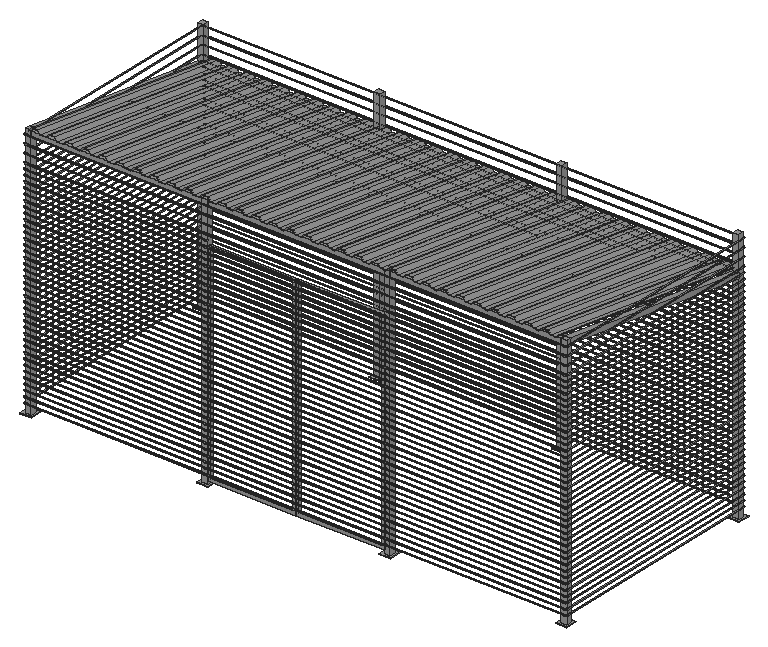
Revit family "31790 Контейнерная площадка для ТБО «Сплит» без хозблока Хоббика", category Антураж, Revit 2018
Family settings
  На основе рабочей плоскости = Нет
  Всегда вертикально = Да
  При загрузке вырезать с полостями = Нет
  Источник визуального образа = Геометрия семейства
  Общий = Нет
  Точка расчета площади = Нет
Parameters (values of type "Версия 4,82 м")
  Ширина = 2000 mm  # constant formula
  Цвет каркаса = Сталь
  Описание = if([Версия 1,72 м], "Контейнерная площадка для ТБО «Сплит» без хозблока. Версия 1,72 м", if([Версия 3,27 м], "Контейнерная площадка для ТБО «Сплит» без хозблока. Версия 3,27 м", if([Версия 4,82 м], "Контейнерная площадка для ТБО «Сплит» без хозблока. Версия 4,82 м", if([Версия 6,37 м], "Контейнерная площадка для ТБО «Сплит» без хозблока. Версия 6,37 м", if([Версия 7,92 м], "Контейнерная площадка для ТБО «Сплит» без хозблока. Версия 7,92 м", "Контейнерная площадка для ТБО «Сплит» без хозблока. Версия 9,47 м")))))  # "Контейнерная площадка для ТБО «Сплит» без хозблока. Версия 4,82 м"
  Материал изделия = "Сталь"  # constant formula
  Изображение типоразмера = Контейнерная площадка для ТБО «Сплит» без хозблока Арт 31790.jpg
  Изготовитель = "ООО «Хоббика»"  # constant formula
  Длина = if([Версия 1,72 м], 1720 mm, if([Версия 3,27 м], 3270 mm, if([Версия 4,82 м], 4820 mm, if([Версия 6,37 м], 6370 mm, if([Версия 7,92 м], 7920 mm, 9470 mm)))))  # 4820 mm
  Группа модели = "Контейнерные площадки для ТБО"  # constant formula
  Высота = 2250 mm  # constant formula
  Версия 9,47 м = no
  Версия 7,92 м = no
  Версия 6,37 м = no
  Версия 4,82 м = yes
  Версия 3,27 м = no
  Версия 1,72 м = no
  Артикул товара = "Арт. 31790"  # constant formula
  URL = "https://hobbyka.ru/product/konteynernaya_ploshchadka_dlya_tbo_promo_bez_khozbloka/"
Reference planes
  plane 1 "По центру (Вперед/Назад)": y = 0
  plane 2: z = 0
  plane 3 "По центру (Влево/Вправо)": x = 0
  plane 4: y = 2000
  plane 5: x = 4820
  plane 6: z = 2250
Dimensions and locks
  "Ширина": plane 4 to plane 1 "По центру (Вперед/Назад)"
  "Длина": plane 3 "По центру (Влево/Вправо)" to plane 5
  "Высота": plane 6 to plane 2
  aligned and locked: level to plane 2
  aligned and locked: plane 1 "По центру (Вперед/Назад)" to nested 1
  aligned and locked: plane 3 "По центру (Влево/Вправо)" to nested 1
  aligned and locked: plane 1 "По центру (Вперед/Назад)" to nested 2
  aligned and locked: plane 3 "По центру (Влево/Вправо)" to nested 2
  aligned and locked: plane 1 "По центру (Вперед/Назад)" to nested 3
  aligned and locked: plane 3 "По центру (Влево/Вправо)" to nested 3
  aligned and locked: plane 1 "По центру (Вперед/Назад)" to nested 4
  aligned and locked: plane 3 "По центру (Влево/Вправо)" to nested 4
  aligned and locked: plane 1 "По центру (Вперед/Назад)" to nested 5
  aligned and locked: plane 3 "По центру (Влево/Вправо)" to nested 5
  aligned and locked: plane 1 "По центру (Вперед/Назад)" to nested 6
  aligned and locked: plane 3 "По центру (Влево/Вправо)" to nested 6
Nested families
  nested 1: "3179 Контейнерная площадка для ТБО «Сплит» без хозблока Хоббика В 1,72 м" at (0, 0, 0), visible <- "Версия 1,72 м", type "3179 Контейнерная площадка для ТБО «Сплит» без хозблока Хоббика В 1,72 м"
  nested 2: "3179 Контейнерная площадка для ТБО «Сплит» без хозблока Хоббика В 3,27 м" at (0, 0, 0), visible <- "Версия 3,27 м", type "3179 Контейнерная площадка для ТБО «Сплит» без хозблока Хоббика В 3,27 м"
  nested 3: "3179 Контейнерная площадка для ТБО «Сплит» без хозблока Хоббика В 4,82 м" at (0, 0, 0), visible <- "Версия 4,82 м", type "3179 Контейнерная площадка для ТБО «Сплит» без хозблока Хоббика В 4,82 м"
  nested 4: "3179 Контейнерная площадка для ТБО «Сплит» без хозблока Хоббика В 6,37 м" at (0, 0, 0), visible <- "Версия 6,37 м", type "3179 Контейнерная площадка для ТБО «Сплит» без хозблока Хоббика В 6,37 м"
  nested 5: "3179 Контейнерная площадка для ТБО «Сплит» без хозблока Хоббика В 7,92 м" at (0, 0, 0), visible <- "Версия 7,92 м", type "3179 Контейнерная площадка для ТБО «Сплит» без хозблока Хоббика В 7,92 м"
  nested 6: "3179 Контейнерная площадка для ТБО «Сплит» без хозблока Хоббика В 9,47 м" at (0, 0, 0), visible <- "Версия 9,47 м", type "3179 Контейнерная площадка для ТБО «Сплит» без хозблока Хоббика В 9,47 м"
Definition of nested family "3179 Контейнерная площадка для ТБО «Сплит» без хозблока Хоббика В 1,72 м"
  Parameters (values of type "3179 Контейнерная площадка для ТБО «Сплит» без хозблока Хоббика В 1,72 м")
    Ширина = 2000 mm
    Цвет каркаса = none
    Длина = 1720 mm
    Height = 2250 mm
  Reference planes
    plane 1 "По центру (Вперед/Назад)": y = 0
    plane 2: z = 0
    plane 3 "По центру (Влево/Вправо)": x = 0
    plane 4: x = 1720
    plane 5: y = 2000
    plane 6: z = 2250
  Forms (mm)
    Extrusion 1, solid, material <- "Цвет каркаса"
      sketch origin (0, 0, 0) x (1, 0, 0) y (0, 1, 0)
        loop
          line (0, 2000) -> (0, 1900) -> (100, 1900) -> (100, 2000) -> (0, 2000)
        loop
          line (1620, 2000) -> (1620, 1900) -> (1720, 1900) -> (1720, 2000) -> (1620, 2000)
        loop
          line (0, 100) -> (0, 0) -> (100, 0) -> (100, 100) -> (0, 100)
        loop
          line (1620, 100) -> (1620, 0) -> (1720, 0) -> (1720, 100) -> (1620, 100)
      from 0 to 5
    Extrusion 2, solid, material <- "Цвет каркаса"
      sketch origin (0, 0, 0) x (1, 0, 0) y (0, 1, 0)
        loop
          line (75, 1925) -> (75, 1975) -> (25, 1975) -> (25, 1925) -> (75, 1925)
        loop
          line (1695, 1925) -> (1695, 1975) -> (1645, 1975) -> (1645, 1925) -> (1695, 1925)
        loop
          line (75, 25) -> (75, 75) -> (25, 75) -> (25, 25) -> (75, 25)
        loop
          line (1695, 25) -> (1695, 75) -> (1645, 75) -> (1645, 25) -> (1695, 25)
      from 0 to 2250
    Extrusion 3, solid, material <- "Цвет каркаса"
      sketch origin (0, 0, 50) x (0, 1, 0) y (0, 0, 1)
        loop
          line (75, 2200) -> (75, 2149.347) -> (1925, 1849.347) -> (1925, 1900) -> (75, 2200)
      from 25 to 75
    Extrusion 4, solid, material <- "Цвет каркаса"
      sketch origin (0, 0, 50) x (0, 1, 0) y (0, 0, 1)
        loop
          line (75, 2200) -> (75, 2149.347) -> (1925, 1849.347) -> (1925, 1900) -> (75, 2200)
      from 1645 to 1695
    Extrusion 5, solid, material <- "Цвет каркаса"
      sketch origin (0, -359.193, 41.018) x (1, 0, 0) y (0, 0.160071, 0.987105)
        loop
          line (100, 2276) -> (75, 2251) -> (75.707, 2250.293) -> (100.414, 2275) -> (149.586, 2275) -> (174.586, 2250) -> (225.414, 2250) -> (250.414, 2275) -> (299.586, 2275) -> (324.586, 2250) -> (375.414, 2250) -> (400.414, 2275) -> (449.586, 2275) -> (474.586, 2250) -> (525.414, 2250) -> (550.414, 2275) -> (599.586, 2275) -> (624.586, 2250) -> (675.414, 2250) -> (700.414, 2275) -> (749.586, 2275) -> (774.586, 2250) -> (825.414, 2250) -> (850.414, 2275) -> (899.586, 2275) -> (924.586, 2250) -> (975.414, 2250) -> (1000.414, 2275) -> (1049.586, 2275) -> (1074.586, 2250) -> (1125.414, 2250) -> (1150.414, 2275) -> (1199.586, 2275) -> (1224.586, 2250) -> (1275.414, 2250) -> (1300.414, 2275) -> (1349.586, 2275) -> (1374.586, 2250) -> (1425.414, 2250) -> (1450.414, 2275) -> (1499.586, 2275) -> (1524.586, 2250) -> (1575.414, 2250) -> (1600.414, 2275) -> (1645, 2275) -> (1645, 2276) -> (1600, 2276) -> (1575, 2251) -> (1525, 2251) -> (1500, 2276) -> (1450, 2276) -> (1425, 2251) -> (1375, 2251) -> (1350, 2276) -> (1300, 2276) -> (1275, 2251) -> (1225, 2251) -> (1200, 2276) -> (1150, 2276) -> (1125, 2251) -> (1075, 2251) -> (1050, 2276) -> (1000, 2276) -> (975, 2251) -> (925, 2251) -> (900, 2276) -> (850, 2276) -> (825, 2251) -> (775, 2251) -> (750, 2276) -> (700, 2276) -> (675, 2251) -> (625, 2251) -> (600, 2276) -> (550, 2276) -> (525, 2251) -> (475, 2251) -> (450, 2276) -> (400, 2276) -> (375, 2251) -> (325, 2251) -> (300, 2276) -> (250, 2276) -> (225, 2251) -> (175, 2251) -> (150, 2276) -> (100, 2276)
      from 0 to -2020.773
    Extrusion 6, solid, material <- "Цвет каркаса"
      sketch origin (0, 0, 0) x (0, 1, 0) y (0, 0, 1)
        loop
          line (1925, 1941.892) -> (1925, 1891.892) -> (1975, 1891.892) -> (1975, 1941.892) -> (1925, 1941.892)
        loop
          line (25, 2250) -> (25, 2200) -> (75, 2200) -> (75, 2250) -> (25, 2250)
      from 75 to 1645
    Extrusion 7, solid, material <- "Цвет каркаса"
      sketch origin (0, 0, 0) x (0, 1, 0) y (0, 0, 1)
        loop
          circle (1980, 80) r 5
        loop
          circle (1980, 130) r 5
        loop
          circle (1980, 180) r 5
        loop
          circle (1980, 230) r 5
        loop
          circle (1980, 280) r 5
        loop
          circle (1980, 330) r 5
        loop
          circle (1980, 380) r 5
        loop
          circle (1980, 430) r 5
        loop
          circle (1980, 480) r 5
        loop
          circle (1980, 530) r 5
        loop
          circle (1980, 580) r 5
        loop
          circle (1980, 630) r 5
        loop
          circle (1980, 680) r 5
        loop
          circle (1980, 730) r 5
        loop
          circle (1980, 780) r 5
        loop
          circle (1980, 830) r 5
        loop
          circle (1980, 880) r 5
        loop
          circle (1980, 930) r 5
        loop
          circle (1980, 980) r 5
        loop
          circle (1980, 1030) r 5
        loop
          circle (1980, 1080) r 5
        loop
          circle (1980, 1130) r 5
        loop
          circle (1980, 1180) r 5
        loop
          circle (1980, 1230) r 5
        loop
          circle (1980, 1280) r 5
        loop
          circle (1980, 1330) r 5
        loop
          circle (1980, 1380) r 5
        loop
          circle (1980, 1430) r 5
        loop
          circle (1980, 1480) r 5
        loop
          circle (1980, 1530) r 5
        loop
          circle (1980, 1580) r 5
        loop
          circle (1980, 1630) r 5
        loop
          circle (1980, 1680) r 5
        loop
          circle (1980, 1730) r 5
        loop
          circle (1980, 1780) r 5
        loop
          circle (1980, 1830) r 5
        loop
          circle (1980, 1880) r 5
        loop
          circle (1980, 1930) r 5
        loop
          circle (1980, 1980) r 5
        loop
          circle (1980, 2055) r 5
        loop
          circle (1980, 2130) r 5
        loop
          circle (1980, 2205) r 5
      from 25 to 1695
    Extrusion 8, solid, material <- "Цвет каркаса"
      sketch origin (-1960, 2000, 0) x (1, 0, 0) y (0, 0, 1)
        loop
          circle (1980, 80) r 5
        loop
          circle (1980, 130) r 5
        loop
          circle (1980, 180) r 5
        loop
          circle (1980, 230) r 5
        loop
          circle (1980, 280) r 5
        loop
          circle (1980, 330) r 5
        loop
          circle (1980, 380) r 5
        loop
          circle (1980, 430) r 5
        loop
          circle (1980, 480) r 5
        loop
          circle (1980, 530) r 5
        loop
          circle (1980, 580) r 5
        loop
          circle (1980, 630) r 5
        loop
          circle (1980, 680) r 5
        loop
          circle (1980, 730) r 5
        loop
          circle (1980, 780) r 5
        loop
          circle (1980, 830) r 5
        loop
          circle (1980, 880) r 5
        loop
          circle (1980, 930) r 5
        loop
          circle (1980, 980) r 5
        loop
          circle (1980, 1030) r 5
        loop
          circle (1980, 1080) r 5
        loop
          circle (1980, 1130) r 5
        loop
          circle (1980, 1180) r 5
        loop
          circle (1980, 1230) r 5
        loop
          circle (1980, 1280) r 5
        loop
          circle (1980, 1330) r 5
        loop
          circle (1980, 1380) r 5
        loop
          circle (1980, 1430) r 5
        loop
          circle (1980, 1480) r 5
        loop
          circle (1980, 1530) r 5
        loop
          circle (1980, 1580) r 5
        loop
          circle (1980, 1630) r 5
        loop
          circle (1980, 1680) r 5
        loop
          circle (1980, 1730) r 5
        loop
          circle (1980, 1780) r 5
        loop
          circle (1980, 1830) r 5
        loop
          circle (1980, 1880) r 5
        loop
          circle (1980, 1930) r 5
        loop
          circle (1980, 1980) r 5
        loop
          circle (1980, 2055) r 5
        loop
          circle (1980, 2130) r 5
        loop
          circle (1980, 2205) r 5
      from 25 to 1975
    Extrusion 9, solid, material <- "Цвет каркаса"
      sketch origin (-280, 2000, 0) x (1, 0, 0) y (0, 0, 1)
        loop
          circle (1980, 1680) r 5
        loop
          circle (1980, 1730) r 5
        loop
          circle (1980, 1780) r 5
        loop
          circle (1980, 1830) r 5
        loop
          circle (1980, 1880) r 5
        loop
          circle (1980, 1930) r 5
        loop
          circle (1980, 1980) r 5
        loop
          circle (1980, 2055) r 5
        loop
          circle (1980, 2130) r 5
        loop
          circle (1980, 2205) r 5
        loop
          circle (1980, 1430) r 5
        loop
          circle (1980, 1480) r 5
        loop
          circle (1980, 1530) r 5
        loop
          circle (1980, 1580) r 5
        loop
          circle (1980, 1630) r 5
        loop
          circle (1980, 1180) r 5
        loop
          circle (1980, 1230) r 5
        loop
          circle (1980, 1280) r 5
        loop
          circle (1980, 1330) r 5
        loop
          circle (1980, 1380) r 5
        loop
          circle (1980, 930) r 5
        loop
          circle (1980, 980) r 5
        loop
          circle (1980, 1030) r 5
        loop
          circle (1980, 1080) r 5
        loop
          circle (1980, 1130) r 5
        loop
          circle (1980, 680) r 5
        loop
          circle (1980, 730) r 5
        loop
          circle (1980, 780) r 5
        loop
          circle (1980, 830) r 5
        loop
          circle (1980, 880) r 5
        loop
          circle (1980, 430) r 5
        loop
          circle (1980, 480) r 5
        loop
          circle (1980, 530) r 5
        loop
          circle (1980, 580) r 5
        loop
          circle (1980, 630) r 5
        loop
          circle (1980, 180) r 5
        loop
          circle (1980, 230) r 5
        loop
          circle (1980, 280) r 5
        loop
          circle (1980, 330) r 5
        loop
          circle (1980, 380) r 5
        loop
          circle (1980, 80) r 5
        loop
          circle (1980, 130) r 5
      from 25 to 1975
    Extrusion 10, solid, material <- "Цвет каркаса"
      sketch origin (0, 0, 0) x (1, 0, 0) y (0, 0, 1)
        loop
          line (75, 30.567) -> (860, 30.567) -> (860, 1891.892) -> (75, 1891.892) -> (75, 30.567)
        loop
          line (835, 1866.892) -> (100, 1866.892) -> (100, 55.567) -> (835, 55.567) -> (835, 1866.892)
      from -25 to -50
    Extrusion 11, solid, material <- "Цвет каркаса"
      sketch origin (0, -1960, 0) x (0, 1, 0) y (0, 0, 1)
        loop
          circle (1980, 1980) r 5
        loop
          circle (1980, 2055) r 5
        loop
          circle (1980, 2130) r 5
        loop
          circle (1980, 2205) r 5
      from 25 to 1695
    Extrusion 12, solid, material <- "Цвет каркаса"
      sketch origin (0, -1960, 0) x (0, 1, 0) y (0, 0, 1)
        loop
          circle (1980, 80) r 5
        loop
          circle (1980, 130) r 5
        loop
          circle (1980, 180) r 5
        loop
          circle (1980, 230) r 5
        loop
          circle (1980, 280) r 5
        loop
          circle (1980, 330) r 5
        loop
          circle (1980, 380) r 5
        loop
          circle (1980, 430) r 5
        loop
          circle (1980, 480) r 5
        loop
          circle (1980, 530) r 5
        loop
          circle (1980, 580) r 5
        loop
          circle (1980, 630) r 5
        loop
          circle (1980, 680) r 5
        loop
          circle (1980, 730) r 5
        loop
          circle (1980, 780) r 5
        loop
          circle (1980, 830) r 5
        loop
          circle (1980, 880) r 5
        loop
          circle (1980, 930) r 5
        loop
          circle (1980, 980) r 5
        loop
          circle (1980, 1030) r 5
        loop
          circle (1980, 1080) r 5
        loop
          circle (1980, 1130) r 5
        loop
          circle (1980, 1180) r 5
        loop
          circle (1980, 1230) r 5
        loop
          circle (1980, 1280) r 5
        loop
          circle (1980, 1330) r 5
        loop
          circle (1980, 1380) r 5
        loop
          circle (1980, 1430) r 5
        loop
          circle (1980, 1480) r 5
        loop
          circle (1980, 1530) r 5
        loop
          circle (1980, 1580) r 5
        loop
          circle (1980, 1630) r 5
        loop
          circle (1980, 1680) r 5
        loop
          circle (1980, 1730) r 5
        loop
          circle (1980, 1780) r 5
        loop
          circle (1980, 1830) r 5
        loop
          circle (1980, 1880) r 5
      from 75 to 860
    Extrusion 13, solid, material <- "Цвет каркаса"
      sketch origin (0, -1960, 0) x (0, 1, 0) y (0, 0, 1)
        loop
          circle (1980, 80) r 5
        loop
          circle (1980, 130) r 5
        loop
          circle (1980, 180) r 5
        loop
          circle (1980, 230) r 5
        loop
          circle (1980, 280) r 5
        loop
          circle (1980, 330) r 5
        loop
          circle (1980, 380) r 5
        loop
          circle (1980, 430) r 5
        loop
          circle (1980, 480) r 5
        loop
          circle (1980, 530) r 5
        loop
          circle (1980, 580) r 5
        loop
          circle (1980, 630) r 5
        loop
          circle (1980, 680) r 5
        loop
          circle (1980, 730) r 5
        loop
          circle (1980, 780) r 5
        loop
          circle (1980, 830) r 5
        loop
          circle (1980, 880) r 5
        loop
          circle (1980, 930) r 5
        loop
          circle (1980, 980) r 5
        loop
          circle (1980, 1030) r 5
        loop
          circle (1980, 1080) r 5
        loop
          circle (1980, 1130) r 5
        loop
          circle (1980, 1180) r 5
        loop
          circle (1980, 1230) r 5
        loop
          circle (1980, 1280) r 5
        loop
          circle (1980, 1330) r 5
        loop
          circle (1980, 1380) r 5
        loop
          circle (1980, 1430) r 5
        loop
          circle (1980, 1480) r 5
        loop
          circle (1980, 1530) r 5
        loop
          circle (1980, 1580) r 5
        loop
          circle (1980, 1630) r 5
        loop
          circle (1980, 1680) r 5
        loop
          circle (1980, 1730) r 5
        loop
          circle (1980, 1780) r 5
        loop
          circle (1980, 1830) r 5
      from 860 to 1645
    Extrusion 14, solid, material <- "Цвет каркаса"
      sketch origin (785, 0, 0) x (1, 0, 0) y (0, 0, 1)
        loop
          line (75, 30.567) -> (860, 30.567) -> (860, 1891.892) -> (75, 1891.892) -> (75, 30.567)
        loop
          line (835, 1866.892) -> (100, 1866.892) -> (100, 55.567) -> (835, 55.567) -> (835, 1866.892)
      from -25 to -50
    Extrusion 15, solid, material <- "Цвет каркаса"
      sketch origin (0, 0, 0) x (0, 1, 0) y (0, 0, 1)
        loop
          line (975, 2053.401) -> (1025, 2045.293) -> (1025, 2095.946) -> (975, 2104.054) -> (975, 2053.401)
      from 75 to 1645
  Dimensions and locks
    "Длина": plane 3 "По центру (Влево/Вправо)" to plane 4
    "Ширина": plane 5 to plane 1 "По центру (Вперед/Назад)"
    "Height": plane 6 to plane 2
    aligned and locked: level to plane 2
  Automatic sketch dimensions
    Extrusion 1 sketch curve to plane 3 "По центру (Влево/Вправо)" = 0 mm  (x2)
    plane 1 "По центру (Вперед/Назад)" to Extrusion 1 sketch curve = 0 mm  (x2)
    Extrusion 1 sketch curve to plane 5 = 0 mm  (x2)
    Extrusion 1 sketch curve to plane 4 = 0 mm  (x2)
    plane 3 "По центру (Влево/Вправо)" to Extrusion 1 sketch curve = 100 mm  (x2)
    Extrusion 1 sketch curve to plane 4 = 100 mm
    Extrusion 1 sketch curve to Extrusion 1 sketch curve = 100 mm  (x2)
    Extrusion 1 sketch curve to plane 1 "По центру (Вперед/Назад)" = 100 mm
    Extrusion 1 sketch curve to plane 5 = 100 mm  (x2)
    plane 3 "По центру (Влево/Вправо)" to Extrusion 2 sketch curve = 25 mm  (x2)
    Extrusion 2 sketch curve to Extrusion 2 sketch curve = 50 mm  (x4)
    Extrusion 2 sketch curve to plane 1 "По центру (Вперед/Назад)" = 25 mm  (x2)
    Extrusion 2 sketch curve to plane 4 = 75 mm  (x2)
    Extrusion 2 sketch curve to plane 4 = 25 mm  (x2)
    Extrusion 2 sketch curve to plane 5 = 75 mm  (x2)
    Extrusion 2 sketch curve to plane 5 = 25 mm  (x2)
    Extrusion 3 sketch curve to plane 6 = 0 mm
    Extrusion 3 sketch curve to plane 1 "По центру (Вперед/Назад)" = 75 mm
    Extrusion 3 sketch curve to plane 5 = 75 mm
    Extrusion 3 sketch curve to Extrusion 3 sketch curve = 50.653 mm  (x2)
    Extrusion 3 sketch curve to plane 6 = 300 mm
    Extrusion 4 sketch curve to plane 6 = 0 mm
    Extrusion 4 sketch curve to plane 1 "По центру (Вперед/Назад)" = 75 mm
    Extrusion 4 sketch curve to plane 5 = 75 mm
    Extrusion 4 sketch curve to Extrusion 4 sketch curve = 50.653 mm  (x2)
    Extrusion 4 sketch curve to plane 6 = 300 mm
    plane 3 "По центру (Влево/Вправо)" to Extrusion 5 sketch curve = 75 mm
    Extrusion 5 sketch curve to Extrusion 5 sketch curve = 0.707 mm  (x2)
    Extrusion 5 sketch curve to Extrusion 5 sketch curve = 25 mm  (x21)
    Extrusion 5 sketch curve to Extrusion 5 sketch curve = 0.414 mm  (x41)
    Extrusion 5 sketch curve to Extrusion 5 sketch curve = 49.172 mm  (x10)
    Extrusion 5 sketch curve to Extrusion 5 sketch curve = 50 mm  (x10)
    Extrusion 5 sketch curve to Extrusion 5 sketch curve = 44.586 mm
    Extrusion 5 sketch curve to Extrusion 5 sketch curve = 0 mm  (x9)
    Extrusion 5 sketch curve to Extrusion 5 sketch curve = 0.293 mm
    Extrusion 5 sketch curve to Extrusion 5 sketch curve = 1 mm  (x20)
    Extrusion 5 sketch curve to Extrusion 5 sketch curve = 24 mm  (x10)
    Extrusion 6 sketch curve to plane 6 = 0 mm
    Extrusion 6 sketch curve to plane 1 "По центру (Вперед/Назад)" = 25 mm
    Extrusion 6 sketch curve to Extrusion 6 sketch curve = 50 mm  (x3)
    Extrusion 6 sketch curve to plane 5 = 75 mm
    Extrusion 6 sketch curve to plane 5 = 25 mm
    Extrusion 6 sketch curve to plane 6 = 308.108 mm
    Extrusion 7 sketch curve to plane 5 = 20 mm  (x42)
    level to Extrusion 7 sketch curve = 80 mm
    Extrusion 7 sketch curve to Extrusion 7 sketch curve = 50 mm  (x38)
    Extrusion 7 sketch curve to Extrusion 7 sketch curve = 75 mm  (x2)
    Extrusion 7 sketch curve to plane 6 = 45 mm
    plane 3 "По центру (Влево/Вправо)" to Extrusion 8 sketch curve = 20 mm  (x42)
    level to Extrusion 8 sketch curve = 80 mm
    Extrusion 8 sketch curve to Extrusion 8 sketch curve = 50 mm  (x38)
    Extrusion 8 sketch curve to Extrusion 8 sketch curve = 75 mm  (x2)
    Extrusion 8 sketch curve to plane 6 = 45 mm
    Extrusion 9 sketch curve to plane 4 = 20 mm  (x42)
    level to Extrusion 9 sketch curve = 80 mm
    Extrusion 9 sketch curve to Extrusion 9 sketch curve = 50 mm  (x38)
    Extrusion 9 sketch curve to Extrusion 9 sketch curve = 75 mm  (x2)
    Extrusion 9 sketch curve to plane 6 = 45 mm
    level to Extrusion 10 sketch curve = 30.567 mm
    plane 3 "По центру (Влево/Вправо)" to Extrusion 10 sketch curve = 75 mm
    Extrusion 10 sketch curve to Extrusion 10 sketch curve = 25 mm  (x4)
    Extrusion 10 sketch curve to Extrusion 10 sketch curve = 735 mm
    Extrusion 10 sketch curve to plane 6 = 383.108 mm
    Extrusion 11 sketch curve to plane 1 "По центру (Вперед/Назад)" = 20 mm  (x4)
    Extrusion 11 sketch curve to plane 6 = 270 mm
    Extrusion 11 sketch curve to Extrusion 11 sketch curve = 75 mm  (x2)
    Extrusion 11 sketch curve to plane 6 = 45 mm
    Extrusion 12 sketch curve to plane 1 "По центру (Вперед/Назад)" = 20 mm  (x37)
    level to Extrusion 12 sketch curve = 80 mm
    Extrusion 12 sketch curve to Extrusion 12 sketch curve = 50 mm  (x36)
    Extrusion 13 sketch curve to plane 1 "По центру (Вперед/Назад)" = 20 mm  (x36)
    level to Extrusion 13 sketch curve = 80 mm
    Extrusion 13 sketch curve to Extrusion 13 sketch curve = 50 mm  (x35)
    level to Extrusion 14 sketch curve = 30.567 mm
    plane 3 "По центру (Влево/Вправо)" to Extrusion 14 sketch curve = 860 mm
    Extrusion 14 sketch curve to Extrusion 14 sketch curve = 25 mm  (x4)
    Extrusion 14 sketch curve to plane 4 = 100 mm
    Extrusion 14 sketch curve to plane 6 = 383.108 mm
    Extrusion 15 sketch curve to plane 6 = 145.946 mm
    Extrusion 15 sketch curve to plane 1 "По центру (Вперед/Назад)" = 975 mm
    Extrusion 15 sketch curve to Extrusion 15 sketch curve = 50.653 mm  (x2)
    Extrusion 15 sketch curve to plane 6 = 154.054 mm
    Extrusion 15 sketch curve to Extrusion 15 sketch curve = 50 mm
    radius of Extrusion 7 sketch curve = 5 mm  (x42)
    radius of Extrusion 8 sketch curve = 5 mm  (x42)
    radius of Extrusion 9 sketch curve = 5 mm  (x42)
    radius of Extrusion 11 sketch curve = 5 mm  (x4)
    radius of Extrusion 12 sketch curve = 5 mm  (x37)
    radius of Extrusion 13 sketch curve = 5 mm  (x36)
Definition of nested family "3179 Контейнерная площадка для ТБО «Сплит» без хозблока Хоббика В 3,27 м"
  Parameters (values of type "3179 Контейнерная площадка для ТБО «Сплит» без хозблока Хоббика В 3,27 м")
    Ширина = 2000 mm
    Цвет каркаса = none
    Длина = 3270 mm
    Height = 2250 mm
  Reference planes
    plane 1 "По центру (Вперед/Назад)": y = 0
    plane 2: z = 0
    plane 3 "По центру (Влево/Вправо)": x = 0
    plane 4: x = 3270
    plane 5: y = 2000
    plane 6: z = 2250
  Forms (mm)
    Extrusion 1, solid, material <- "Цвет каркаса"
      sketch origin (0, 0, 0) x (1, 0, 0) y (0, 1, 0)
        loop
          line (0, 2000) -> (0, 1900) -> (100, 1900) -> (100, 2000) -> (0, 2000)
        loop
          line (3170, 2000) -> (3170, 1900) -> (3270, 1900) -> (3270, 2000) -> (3170, 2000)
        loop
          line (0, 100) -> (0, 0) -> (100, 0) -> (100, 100) -> (0, 100)
        loop
          line (3170, 100) -> (3170, 0) -> (3270, 0) -> (3270, 100) -> (3170, 100)
        loop
          line (2130, 2000) -> (2130, 1900) -> (2230, 1900) -> (2230, 2000) -> (2130, 2000)
        loop
          line (2130, 100) -> (2130, 0) -> (2230, 0) -> (2230, 100) -> (2130, 100)
        loop
          line (1040, 2000) -> (1040, 1900) -> (1140, 1900) -> (1140, 2000) -> (1040, 2000)
        loop
          line (1040, 100) -> (1040, 0) -> (1140, 0) -> (1140, 100) -> (1040, 100)
      from 0 to 5
    Extrusion 2, solid, material <- "Цвет каркаса"
      sketch origin (0, 0, 0) x (1, 0, 0) y (0, 1, 0)
        loop
          line (75, 1925) -> (75, 1975) -> (25, 1975) -> (25, 1925) -> (75, 1925)
        loop
          line (3245, 1925) -> (3245, 1975) -> (3195, 1975) -> (3195, 1925) -> (3245, 1925)
        loop
          line (75, 25) -> (75, 75) -> (25, 75) -> (25, 25) -> (75, 25)
        loop
          line (3245, 25) -> (3245, 75) -> (3195, 75) -> (3195, 25) -> (3245, 25)
        loop
          line (2205, 1925) -> (2205, 1975) -> (2155, 1975) -> (2155, 1925) -> (2205, 1925)
        loop
          line (2205, 25) -> (2205, 75) -> (2155, 75) -> (2155, 25) -> (2205, 25)
        loop
          line (1115, 1925) -> (1115, 1975) -> (1065, 1975) -> (1065, 1925) -> (1115, 1925)
        loop
          line (1115, 25) -> (1115, 75) -> (1065, 75) -> (1065, 25) -> (1115, 25)
      from 0 to 2250
    Extrusion 3, solid, material <- "Цвет каркаса"
      sketch origin (0, 0, 50) x (0, 1, 0) y (0, 0, 1)
        loop
          line (75, 2200) -> (75, 2149.347) -> (1925, 1849.347) -> (1925, 1900) -> (75, 2200)
      from 25 to 75
    Extrusion 4, solid, material <- "Цвет каркаса"
      sketch origin (0, 0, 50) x (0, 1, 0) y (0, 0, 1)
        loop
          line (75, 2200) -> (75, 2149.347) -> (1925, 1849.347) -> (1925, 1900) -> (75, 2200)
      from 3195 to 3245
    Extrusion 5, solid, material <- "Цвет каркаса"
      sketch origin (0, -359.193, 41.018) x (1, 0, 0) y (0, 0.160071, 0.987105)
        loop
          line (100, 2276) -> (75, 2251) -> (75.707, 2250.293) -> (100.414, 2275) -> (149.586, 2275) -> (174.586, 2250) -> (225.414, 2250) -> (250.414, 2275) -> (299.586, 2275) -> (324.586, 2250) -> (375.414, 2250) -> (400.414, 2275) -> (449.586, 2275) -> (474.586, 2250) -> (525.414, 2250) -> (550.414, 2275) -> (599.586, 2275) -> (624.586, 2250) -> (675.414, 2250) -> (700.414, 2275) -> (749.586, 2275) -> (774.586, 2250) -> (825.414, 2250) -> (850.414, 2275) -> (899.586, 2275) -> (924.586, 2250) -> (975.414, 2250) -> (1000.414, 2275) -> (1049.586, 2275) -> (1074.586, 2250) -> (1125.414, 2250) -> (1150.414, 2275) -> (1199.586, 2275) -> (1224.586, 2250) -> (1275.414, 2250) -> (1300.414, 2275) -> (1349.586, 2275) -> (1374.586, 2250) -> (1425.414, 2250) -> (1450.414, 2275) -> (1499.586, 2275) -> (1524.586, 2250) -> (1575.414, 2250) -> (1600.414, 2275) -> (1649.586, 2275) -> (1674.586, 2250) -> (1725.414, 2250) -> (1750.414, 2275) -> (1799.586, 2275) -> (1824.586, 2250) -> (1875.414, 2250) -> (1900.414, 2275) -> (1949.586, 2275) -> (1974.586, 2250) -> (2025.414, 2250) -> (2050.414, 2275) -> (2099.586, 2275) -> (2124.586, 2250) -> (2175.414, 2250) -> (2200.414, 2275) -> (2249.586, 2275) -> (2274.586, 2250) -> (2325.414, 2250) -> (2350.414, 2275) -> (2399.586, 2275) -> (2424.586, 2250) -> (2475.414, 2250) -> (2500.414, 2275) -> (2549.586, 2275) -> (2574.586, 2250) -> (2625.414, 2250) -> (2650.414, 2275) -> (2699.586, 2275) -> (2724.586, 2250) -> (2775.414, 2250) -> (2800.414, 2275) -> (2849.586, 2275) -> (2874.586, 2250) -> (2925.414, 2250) -> (2950.414, 2275) -> (2999.586, 2275) -> (3024.586, 2250) -> (3075.414, 2250) -> (3100.414, 2275) -> (3149.586, 2275) -> (3174.586, 2250) -> (3195, 2250) -> (3195, 2251) -> (3175, 2251) -> (3150, 2276) -> (3100, 2276) -> (3075, 2251) -> (3025, 2251) -> (3000, 2276) -> (2950, 2276) -> (2925, 2251) -> (2875, 2251) -> (2850, 2276) -> (2800, 2276) -> (2775, 2251) -> (2725, 2251) -> (2700, 2276) -> (2650, 2276) -> (2625, 2251) -> (2575, 2251) -> (2550, 2276) -> (2500, 2276) -> (2475, 2251) -> (2425, 2251) -> (2400, 2276) -> (2350, 2276) -> (2325, 2251) -> (2275, 2251) -> (2250, 2276) -> (2200, 2276) -> (2175, 2251) -> (2125, 2251) -> (2100, 2276) -> (2050, 2276) -> (2025, 2251) -> (1975, 2251) -> (1950, 2276) -> (1900, 2276) -> (1875, 2251) -> (1825, 2251) -> (1800, 2276) -> (1750, 2276) -> (1725, 2251) -> (1675, 2251) -> (1650, 2276) -> (1600, 2276) -> (1575, 2251) -> (1525, 2251) -> (1500, 2276) -> (1450, 2276) -> (1425, 2251) -> (1375, 2251) -> (1350, 2276) -> (1300, 2276) -> (1275, 2251) -> (1225, 2251) -> (1200, 2276) -> (1150, 2276) -> (1125, 2251) -> (1075, 2251) -> (1050, 2276) -> (1000, 2276) -> (975, 2251) -> (925, 2251) -> (900, 2276) -> (850, 2276) -> (825, 2251) -> (775, 2251) -> (750, 2276) -> (700, 2276) -> (675, 2251) -> (625, 2251) -> (600, 2276) -> (550, 2276) -> (525, 2251) -> (475, 2251) -> (450, 2276) -> (400, 2276) -> (375, 2251) -> (325, 2251) -> (300, 2276) -> (250, 2276) -> (225, 2251) -> (175, 2251) -> (150, 2276) -> (100, 2276)
      from 0 to -2020.773
    Extrusion 6, solid, material <- "Цвет каркаса"
      sketch origin (0, 0, 0) x (0, 1, 0) y (0, 0, 1)
        loop
          line (1925, 1941.892) -> (1925, 1891.892) -> (1975, 1891.892) -> (1975, 1941.892) -> (1925, 1941.892)
        loop
          line (25, 2250) -> (25, 2200) -> (75, 2200) -> (75, 2250) -> (25, 2250)
        loop
          line (975, 2104.054) -> (975, 2053.401) -> (1025, 2045.293) -> (1025, 2095.946) -> (975, 2104.054)
      from 75 to 3195
    Extrusion 7, solid, material <- "Цвет каркаса"
      sketch origin (0, 0, 0) x (0, 1, 0) y (0, 0, 1)
        loop
          circle (1980, 80) r 5
        loop
          circle (1980, 130) r 5
        loop
          circle (1980, 180) r 5
        loop
          circle (1980, 230) r 5
        loop
          circle (1980, 280) r 5
        loop
          circle (1980, 330) r 5
        loop
          circle (1980, 380) r 5
        loop
          circle (1980, 430) r 5
        loop
          circle (1980, 480) r 5
        loop
          circle (1980, 530) r 5
        loop
          circle (1980, 580) r 5
        loop
          circle (1980, 630) r 5
        loop
          circle (1980, 680) r 5
        loop
          circle (1980, 730) r 5
        loop
          circle (1980, 780) r 5
        loop
          circle (1980, 830) r 5
        loop
          circle (1980, 880) r 5
        loop
          circle (1980, 930) r 5
        loop
          circle (1980, 980) r 5
        loop
          circle (1980, 1030) r 5
        loop
          circle (1980, 1080) r 5
        loop
          circle (1980, 1130) r 5
        loop
          circle (1980, 1180) r 5
        loop
          circle (1980, 1230) r 5
        loop
          circle (1980, 1280) r 5
        loop
          circle (1980, 1330) r 5
        loop
          circle (1980, 1380) r 5
        loop
          circle (1980, 1430) r 5
        loop
          circle (1980, 1480) r 5
        loop
          circle (1980, 1530) r 5
        loop
          circle (1980, 1580) r 5
        loop
          circle (1980, 1630) r 5
        loop
          circle (1980, 1680) r 5
        loop
          circle (1980, 1730) r 5
        loop
          circle (1980, 1780) r 5
        loop
          circle (1980, 1830) r 5
        loop
          circle (1980, 1880) r 5
        loop
          circle (1980, 1930) r 5
        loop
          circle (1980, 1980) r 5
        loop
          circle (1980, 2055) r 5
        loop
          circle (1980, 2130) r 5
        loop
          circle (1980, 2205) r 5
      from 25 to 3245
    Extrusion 8, solid, material <- "Цвет каркаса"
      sketch origin (-1960, 2000, 0) x (1, 0, 0) y (0, 0, 1)
        loop
          circle (1980, 80) r 5
        loop
          circle (1980, 130) r 5
        loop
          circle (1980, 180) r 5
        loop
          circle (1980, 230) r 5
        loop
          circle (1980, 280) r 5
        loop
          circle (1980, 330) r 5
        loop
          circle (1980, 380) r 5
        loop
          circle (1980, 430) r 5
        loop
          circle (1980, 480) r 5
        loop
          circle (1980, 530) r 5
        loop
          circle (1980, 580) r 5
        loop
          circle (1980, 630) r 5
        loop
          circle (1980, 680) r 5
        loop
          circle (1980, 730) r 5
        loop
          circle (1980, 780) r 5
        loop
          circle (1980, 830) r 5
        loop
          circle (1980, 880) r 5
        loop
          circle (1980, 930) r 5
        loop
          circle (1980, 980) r 5
        loop
          circle (1980, 1030) r 5
        loop
          circle (1980, 1080) r 5
        loop
          circle (1980, 1130) r 5
        loop
          circle (1980, 1180) r 5
        loop
          circle (1980, 1230) r 5
        loop
          circle (1980, 1280) r 5
        loop
          circle (1980, 1330) r 5
        loop
          circle (1980, 1380) r 5
        loop
          circle (1980, 1430) r 5
        loop
          circle (1980, 1480) r 5
        loop
          circle (1980, 1530) r 5
        loop
          circle (1980, 1580) r 5
        loop
          circle (1980, 1630) r 5
        loop
          circle (1980, 1680) r 5
        loop
          circle (1980, 1730) r 5
        loop
          circle (1980, 1780) r 5
        loop
          circle (1980, 1830) r 5
        loop
          circle (1980, 1880) r 5
        loop
          circle (1980, 1930) r 5
        loop
          circle (1980, 1980) r 5
        loop
          circle (1980, 2055) r 5
        loop
          circle (1980, 2130) r 5
        loop
          circle (1980, 2205) r 5
      from 25 to 1975
    Extrusion 9, solid, material <- "Цвет каркаса"
      sketch origin (-280, 2000, 0) x (1, 0, 0) y (0, 0, 1)
        loop
          circle (3530, 1680) r 5
        loop
          circle (3530, 1730) r 5
        loop
          circle (3530, 1780) r 5
        loop
          circle (3530, 1830) r 5
        loop
          circle (3530, 1880) r 5
        loop
          circle (3530, 1930) r 5
        loop
          circle (3530, 1980) r 5
        loop
          circle (3530, 2055) r 5
        loop
          circle (3530, 2130) r 5
        loop
          circle (3530, 2205) r 5
        loop
          circle (3530, 1430) r 5
        loop
          circle (3530, 1480) r 5
        loop
          circle (3530, 1530) r 5
        loop
          circle (3530, 1580) r 5
        loop
          circle (3530, 1630) r 5
        loop
          circle (3530, 1180) r 5
        loop
          circle (3530, 1230) r 5
        loop
          circle (3530, 1280) r 5
        loop
          circle (3530, 1330) r 5
        loop
          circle (3530, 1380) r 5
        loop
          circle (3530, 930) r 5
        loop
          circle (3530, 980) r 5
        loop
          circle (3530, 1030) r 5
        loop
          circle (3530, 1080) r 5
        loop
          circle (3530, 1130) r 5
        loop
          circle (3530, 680) r 5
        loop
          circle (3530, 730) r 5
        loop
          circle (3530, 780) r 5
        loop
          circle (3530, 830) r 5
        loop
          circle (3530, 880) r 5
        loop
          circle (3530, 430) r 5
        loop
          circle (3530, 480) r 5
        loop
          circle (3530, 530) r 5
        loop
          circle (3530, 580) r 5
        loop
          circle (3530, 630) r 5
        loop
          circle (3530, 180) r 5
        loop
          circle (3530, 230) r 5
        loop
          circle (3530, 280) r 5
        loop
          circle (3530, 330) r 5
        loop
          circle (3530, 380) r 5
        loop
          circle (3530, 80) r 5
        loop
          circle (3530, 130) r 5
      from 25 to 1975
    Extrusion 10, solid, material <- "Цвет каркаса"
      sketch origin (0, 0, 0) x (1, 0, 0) y (0, 0, 1)
        loop
          line (1115, 30.567) -> (2155, 30.567) -> (2155, 1891.892) -> (1115, 1891.892) -> (1115, 30.567)
        loop
          line (2130, 1866.892) -> (1140, 1866.892) -> (1140, 55.567) -> (2130, 55.567) -> (2130, 1866.892)
      from -25 to -50
    Extrusion 11, solid, material <- "Цвет каркаса"
      sketch origin (0, -1960, 0) x (0, 1, 0) y (0, 0, 1)
        loop
          circle (1980, 1980) r 5
        loop
          circle (1980, 2055) r 5
        loop
          circle (1980, 2130) r 5
        loop
          circle (1980, 2205) r 5
      from 25 to 3245
    Extrusion 12, solid, material <- "Цвет каркаса"
      sketch origin (0, -1960, 0) x (0, 1, 0) y (0, 0, 1)
        loop
          circle (1980, 80) r 5
        loop
          circle (1980, 130) r 5
        loop
          circle (1980, 180) r 5
        loop
          circle (1980, 230) r 5
        loop
          circle (1980, 280) r 5
        loop
          circle (1980, 330) r 5
        loop
          circle (1980, 380) r 5
        loop
          circle (1980, 430) r 5
        loop
          circle (1980, 480) r 5
        loop
          circle (1980, 530) r 5
        loop
          circle (1980, 580) r 5
        loop
          circle (1980, 630) r 5
        loop
          circle (1980, 680) r 5
        loop
          circle (1980, 730) r 5
        loop
          circle (1980, 780) r 5
        loop
          circle (1980, 830) r 5
        loop
          circle (1980, 880) r 5
        loop
          circle (1980, 930) r 5
        loop
          circle (1980, 980) r 5
        loop
          circle (1980, 1030) r 5
        loop
          circle (1980, 1080) r 5
        loop
          circle (1980, 1130) r 5
        loop
          circle (1980, 1180) r 5
        loop
          circle (1980, 1230) r 5
        loop
          circle (1980, 1280) r 5
        loop
          circle (1980, 1330) r 5
        loop
          circle (1980, 1380) r 5
        loop
          circle (1980, 1430) r 5
        loop
          circle (1980, 1480) r 5
        loop
          circle (1980, 1530) r 5
        loop
          circle (1980, 1580) r 5
        loop
          circle (1980, 1630) r 5
        loop
          circle (1980, 1680) r 5
        loop
          circle (1980, 1730) r 5
        loop
          circle (1980, 1780) r 5
        loop
          circle (1980, 1830) r 5
        loop
          circle (1980, 1880) r 5
      from 1115 to 2155
    Extrusion 13, solid, material <- "Цвет каркаса"
      sketch origin (0, -1960, 0) x (0, 1, 0) y (0, 0, 1)
        loop
          circle (1980, 80) r 5
        loop
          circle (1980, 130) r 5
        loop
          circle (1980, 180) r 5
        loop
          circle (1980, 230) r 5
        loop
          circle (1980, 280) r 5
        loop
          circle (1980, 330) r 5
        loop
          circle (1980, 380) r 5
        loop
          circle (1980, 430) r 5
        loop
          circle (1980, 480) r 5
        loop
          circle (1980, 530) r 5
        loop
          circle (1980, 580) r 5
        loop
          circle (1980, 630) r 5
        loop
          circle (1980, 680) r 5
        loop
          circle (1980, 730) r 5
        loop
          circle (1980, 780) r 5
        loop
          circle (1980, 830) r 5
        loop
          circle (1980, 880) r 5
        loop
          circle (1980, 930) r 5
        loop
          circle (1980, 980) r 5
        loop
          circle (1980, 1030) r 5
        loop
          circle (1980, 1080) r 5
        loop
          circle (1980, 1130) r 5
        loop
          circle (1980, 1180) r 5
        loop
          circle (1980, 1230) r 5
        loop
          circle (1980, 1280) r 5
        loop
          circle (1980, 1330) r 5
        loop
          circle (1980, 1380) r 5
        loop
          circle (1980, 1430) r 5
        loop
          circle (1980, 1480) r 5
        loop
          circle (1980, 1530) r 5
        loop
          circle (1980, 1580) r 5
        loop
          circle (1980, 1630) r 5
        loop
          circle (1980, 1680) r 5
        loop
          circle (1980, 1730) r 5
        loop
          circle (1980, 1780) r 5
        loop
          circle (1980, 1830) r 5
        loop
          circle (1980, 1880) r 5
        loop
          circle (1980, 1930) r 5
      from 25 to 1115
    Extrusion 14, solid, material <- "Цвет каркаса"
      sketch origin (0, -1960, 0) x (0, 1, 0) y (0, 0, 1)
        loop
          circle (1980, 80) r 5
        loop
          circle (1980, 130) r 5
        loop
          circle (1980, 180) r 5
        loop
          circle (1980, 230) r 5
        loop
          circle (1980, 280) r 5
        loop
          circle (1980, 330) r 5
        loop
          circle (1980, 380) r 5
        loop
          circle (1980, 430) r 5
        loop
          circle (1980, 480) r 5
        loop
          circle (1980, 530) r 5
        loop
          circle (1980, 580) r 5
        loop
          circle (1980, 630) r 5
        loop
          circle (1980, 680) r 5
        loop
          circle (1980, 730) r 5
        loop
          circle (1980, 780) r 5
        loop
          circle (1980, 830) r 5
        loop
          circle (1980, 880) r 5
        loop
          circle (1980, 930) r 5
        loop
          circle (1980, 980) r 5
        loop
          circle (1980, 1030) r 5
        loop
          circle (1980, 1080) r 5
        loop
          circle (1980, 1130) r 5
        loop
          circle (1980, 1180) r 5
        loop
          circle (1980, 1230) r 5
        loop
          circle (1980, 1280) r 5
        loop
          circle (1980, 1330) r 5
        loop
          circle (1980, 1380) r 5
        loop
          circle (1980, 1430) r 5
        loop
          circle (1980, 1480) r 5
        loop
          circle (1980, 1530) r 5
        loop
          circle (1980, 1580) r 5
        loop
          circle (1980, 1630) r 5
        loop
          circle (1980, 1680) r 5
        loop
          circle (1980, 1730) r 5
        loop
          circle (1980, 1780) r 5
        loop
          circle (1980, 1830) r 5
        loop
          circle (1980, 1880) r 5
        loop
          circle (1980, 1930) r 5
      from 2155 to 3245
    Extrusion 15, solid, material <- "Цвет каркаса"
      sketch origin (0, 0, 50) x (0, 1, 0) y (0, 0, 1)
        loop
          line (75, 2200) -> (75, 2149.347) -> (1925, 1849.347) -> (1925, 1900) -> (75, 2200)
      from 2155 to 2205
    Extrusion 16, solid, material <- "Цвет каркаса"
      sketch origin (0, 0, 50) x (0, 1, 0) y (0, 0, 1)
        loop
          line (75, 2200) -> (75, 2149.347) -> (1925, 1849.347) -> (1925, 1900) -> (75, 2200)
      from 1065 to 1115
  Dimensions and locks
    "Длина": plane 3 "По центру (Влево/Вправо)" to plane 4
    "Ширина": plane 5 to plane 1 "По центру (Вперед/Назад)"
    "Height": plane 6 to plane 2
    plane 3 "По центру (Влево/Вправо)" to plane 4 = 3270 mm
    aligned and locked: level to plane 2
  Automatic sketch dimensions
    Extrusion 1 sketch curve to plane 3 "По центру (Влево/Вправо)" = 0 mm  (x2)
    plane 1 "По центру (Вперед/Назад)" to Extrusion 1 sketch curve = 0 mm  (x4)
    Extrusion 1 sketch curve to plane 5 = 0 mm  (x4)
    Extrusion 1 sketch curve to plane 4 = 0 mm  (x2)
    plane 3 "По центру (Влево/Вправо)" to Extrusion 1 sketch curve = 100 mm  (x2)
    Extrusion 1 sketch curve to plane 1 "По центру (Вперед/Назад)" = 100 mm  (x4)
    Extrusion 1 sketch curve to Extrusion 1 sketch curve = 940 mm  (x2)
    Extrusion 1 sketch curve to plane 5 = 100 mm  (x4)
    Extrusion 1 sketch curve to Extrusion 1 sketch curve = 100 mm  (x5)
    Extrusion 1 sketch curve to Extrusion 1 sketch curve = 990 mm  (x2)
    Extrusion 1 sketch curve to plane 4 = 100 mm
    plane 3 "По центру (Влево/Вправо)" to Extrusion 2 sketch curve = 25 mm  (x2)
    Extrusion 2 sketch curve to plane 5 = 25 mm  (x4)
    Extrusion 2 sketch curve to Extrusion 2 sketch curve = 50 mm  (x13)
    Extrusion 2 sketch curve to Extrusion 2 sketch curve = 990 mm  (x2)
    Extrusion 2 sketch curve to plane 1 "По центру (Вперед/Назад)" = 75 mm
    Extrusion 2 sketch curve to plane 1 "По центру (Вперед/Назад)" = 25 mm  (x4)
    Extrusion 2 sketch curve to Extrusion 2 sketch curve = 1040 mm  (x2)
    Extrusion 2 sketch curve to plane 4 = 75 mm  (x2)
    Extrusion 2 sketch curve to plane 4 = 25 mm  (x2)
    Extrusion 3 sketch curve to plane 6 = 0 mm
    Extrusion 3 sketch curve to plane 1 "По центру (Вперед/Назад)" = 75 mm
    Extrusion 3 sketch curve to plane 5 = 75 mm
    Extrusion 3 sketch curve to Extrusion 3 sketch curve = 50.653 mm  (x2)
    Extrusion 3 sketch curve to plane 6 = 300 mm
    Extrusion 4 sketch curve to plane 6 = 0 mm
    Extrusion 4 sketch curve to plane 1 "По центру (Вперед/Назад)" = 75 mm
    Extrusion 4 sketch curve to plane 5 = 75 mm
    Extrusion 4 sketch curve to Extrusion 4 sketch curve = 50.653 mm  (x2)
    Extrusion 4 sketch curve to plane 6 = 300 mm
    Extrusion 6 sketch curve to plane 6 = 0 mm
    Extrusion 6 sketch curve to plane 1 "По центру (Вперед/Назад)" = 25 mm
    Extrusion 6 sketch curve to Extrusion 6 sketch curve = 50 mm  (x4)
    Extrusion 6 sketch curve to plane 5 = 75 mm
    Extrusion 6 sketch curve to plane 5 = 25 mm
    Extrusion 6 sketch curve to plane 6 = 308.108 mm
    Extrusion 7 sketch curve to plane 5 = 20 mm  (x42)
    level to Extrusion 7 sketch curve = 80 mm
    Extrusion 7 sketch curve to Extrusion 7 sketch curve = 50 mm  (x38)
    Extrusion 7 sketch curve to Extrusion 7 sketch curve = 75 mm  (x2)
    Extrusion 7 sketch curve to plane 6 = 45 mm
    plane 3 "По центру (Влево/Вправо)" to Extrusion 8 sketch curve = 20 mm  (x42)
    level to Extrusion 8 sketch curve = 80 mm
    Extrusion 8 sketch curve to Extrusion 8 sketch curve = 50 mm  (x38)
    Extrusion 8 sketch curve to Extrusion 8 sketch curve = 75 mm  (x2)
    Extrusion 8 sketch curve to plane 6 = 45 mm
    Extrusion 9 sketch curve to plane 4 = 20 mm  (x42)
    level to Extrusion 9 sketch curve = 80 mm
    Extrusion 9 sketch curve to Extrusion 9 sketch curve = 50 mm  (x38)
    Extrusion 9 sketch curve to Extrusion 9 sketch curve = 75 mm  (x2)
    Extrusion 9 sketch curve to plane 6 = 45 mm
    level to Extrusion 10 sketch curve = 30.567 mm
    plane 3 "По центру (Влево/Вправо)" to Extrusion 10 sketch curve = 1115 mm
    Extrusion 10 sketch curve to Extrusion 10 sketch curve = 25 mm  (x4)
    Extrusion 10 sketch curve to plane 6 = 383.108 mm
    Extrusion 10 sketch curve to Extrusion 10 sketch curve = 990 mm
    Extrusion 11 sketch curve to plane 1 "По центру (Вперед/Назад)" = 20 mm  (x4)
    Extrusion 11 sketch curve to plane 6 = 270 mm
    Extrusion 11 sketch curve to Extrusion 11 sketch curve = 75 mm  (x2)
    Extrusion 11 sketch curve to plane 6 = 45 mm
    Extrusion 12 sketch curve to plane 1 "По центру (Вперед/Назад)" = 20 mm  (x37)
    level to Extrusion 12 sketch curve = 80 mm
    Extrusion 12 sketch curve to Extrusion 12 sketch curve = 50 mm  (x36)
    Extrusion 13 sketch curve to plane 1 "По центру (Вперед/Назад)" = 20 mm  (x38)
    level to Extrusion 13 sketch curve = 80 mm
    Extrusion 13 sketch curve to Extrusion 13 sketch curve = 50 mm  (x37)
    Extrusion 14 sketch curve to plane 1 "По центру (Вперед/Назад)" = 20 mm  (x38)
    level to Extrusion 14 sketch curve = 80 mm
    Extrusion 14 sketch curve to Extrusion 14 sketch curve = 50 mm  (x37)
    Extrusion 15 sketch curve to plane 6 = 0 mm
    Extrusion 15 sketch curve to plane 1 "По центру (Вперед/Назад)" = 75 mm
    Extrusion 15 sketch curve to plane 5 = 75 mm
    Extrusion 15 sketch curve to Extrusion 15 sketch curve = 50.653 mm  (x2)
    Extrusion 15 sketch curve to plane 6 = 300 mm
    Extrusion 16 sketch curve to plane 6 = 0 mm
    Extrusion 16 sketch curve to plane 1 "По центру (Вперед/Назад)" = 75 mm
    Extrusion 16 sketch curve to plane 5 = 75 mm
    Extrusion 16 sketch curve to Extrusion 16 sketch curve = 50.653 mm  (x2)
    Extrusion 16 sketch curve to plane 6 = 300 mm
    Extrusion 6 sketch curve to plane 6 = 196.599 mm
    Extrusion 6 sketch curve to Extrusion 6 sketch curve = 900 mm
    Extrusion 6 sketch curve to Extrusion 6 sketch curve = 8.108 mm
    Extrusion 6 sketch curve to Extrusion 6 sketch curve = 50.653 mm  (x2)
    plane 3 "По центру (Влево/Вправо)" to Extrusion 5 sketch curve = 75 mm
    Extrusion 5 sketch curve to Extrusion 5 sketch curve = 0.707 mm  (x2)
    Extrusion 5 sketch curve to Extrusion 5 sketch curve = 25 mm  (x42)
    Extrusion 5 sketch curve to Extrusion 5 sketch curve = 0.414 mm  (x83)
    Extrusion 5 sketch curve to Extrusion 5 sketch curve = 49.172 mm  (x21)
    Extrusion 5 sketch curve to Extrusion 5 sketch curve = 50 mm  (x20)
    Extrusion 5 sketch curve to plane 4 = 75 mm
    Extrusion 5 sketch curve to Extrusion 5 sketch curve = 0 mm  (x20)
    Extrusion 5 sketch curve to Extrusion 5 sketch curve = 0.293 mm
    Extrusion 5 sketch curve to Extrusion 5 sketch curve = 1 mm  (x41)
    Extrusion 5 sketch curve to Extrusion 5 sketch curve = 24 mm  (x20)
    radius of Extrusion 7 sketch curve = 5 mm  (x42)
    radius of Extrusion 8 sketch curve = 5 mm  (x42)
    radius of Extrusion 9 sketch curve = 5 mm  (x42)
    radius of Extrusion 11 sketch curve = 5 mm  (x4)
    radius of Extrusion 12 sketch curve = 5 mm  (x37)
    radius of Extrusion 13 sketch curve = 5 mm  (x38)
    radius of Extrusion 14 sketch curve = 5 mm  (x38)
Definition of nested family "3179 Контейнерная площадка для ТБО «Сплит» без хозблока Хоббика В 4,82 м"
  Parameters (values of type "3179 Контейнерная площадка для ТБО «Сплит» без хозблока Хоббика В 4,86 м")
    Ширина = 2000 mm
    Цвет каркаса = none
    Длина = 4820 mm
    Height = 2250 mm
  Reference planes
    plane 1 "По центру (Вперед/Назад)": y = 0
    plane 2: z = 0
    plane 3 "По центру (Влево/Вправо)": x = 0
    plane 4: x = 4820
    plane 5: y = 2000
    plane 6: z = 2250
  Forms (mm)
    Extrusion 1, solid, material <- "Цвет каркаса"
      sketch origin (0, 0, 0) x (1, 0, 0) y (0, 1, 0)
        loop
          line (0, 2000) -> (0, 1900) -> (100, 1900) -> (100, 2000) -> (0, 2000)
        loop
          line (4720, 2000) -> (4720, 1900) -> (4820, 1900) -> (4820, 2000) -> (4720, 2000)
        loop
          line (0, 100) -> (0, 0) -> (100, 0) -> (100, 100) -> (0, 100)
        loop
          line (4720, 100) -> (4720, 0) -> (4820, 0) -> (4820, 100) -> (4720, 100)
        loop
          line (3163.333, 2000) -> (3163.333, 1900) -> (3263.333, 1900) -> (3263.333, 2000) -> (3163.333, 2000)
        loop
          line (3163.333, 100) -> (3163.333, 0) -> (3263.333, 0) -> (3263.333, 100) -> (3163.333, 100)
        loop
          line (1556.667, 2000) -> (1556.667, 1900) -> (1656.667, 1900) -> (1656.667, 2000) -> (1556.667, 2000)
        loop
          line (1556.667, 100) -> (1556.667, 0) -> (1656.667, 0) -> (1656.667, 100) -> (1556.667, 100)
      from 0 to 5
    Extrusion 2, solid, material <- "Цвет каркаса"
      sketch origin (0, 0, 0) x (1, 0, 0) y (0, 1, 0)
        loop
          line (75, 1925) -> (75, 1975) -> (25, 1975) -> (25, 1925) -> (75, 1925)
        loop
          line (4795, 1925) -> (4795, 1975) -> (4745, 1975) -> (4745, 1925) -> (4795, 1925)
        loop
          line (75, 25) -> (75, 75) -> (25, 75) -> (25, 25) -> (75, 25)
        loop
          line (4795, 25) -> (4795, 75) -> (4745, 75) -> (4745, 25) -> (4795, 25)
        loop
          line (3236.04, 1925) -> (3236.04, 1975) -> (3190.626, 1975) -> (3190.626, 1925) -> (3236.04, 1925)
        loop
          line (3240.626, 25) -> (3240.626, 75) -> (3190.626, 75) -> (3190.626, 25) -> (3240.626, 25)
        loop
          line (1631.667, 1925) -> (1631.667, 1975) -> (1581.667, 1975) -> (1581.667, 1925) -> (1631.667, 1925)
        loop
          line (1631.667, 25) -> (1631.667, 75) -> (1581.667, 75) -> (1581.667, 25) -> (1631.667, 25)
      from 0 to 2250
    Extrusion 3, solid, material <- "Цвет каркаса"
      sketch origin (0, 0, 50) x (0, 1, 0) y (0, 0, 1)
        loop
          line (75, 2200) -> (75, 2149.347) -> (1925, 1849.347) -> (1925, 1900) -> (75, 2200)
      from 25 to 75
    Extrusion 4, solid, material <- "Цвет каркаса"
      sketch origin (0, 0, 50) x (0, 1, 0) y (0, 0, 1)
        loop
          line (75, 2200) -> (75, 2149.347) -> (1925, 1849.347) -> (1925, 1900) -> (75, 2200)
      from 4745 to 4795
    Extrusion 5, solid, material <- "Цвет каркаса"
      sketch origin (0, -359.193, 41.018) x (1, 0, 0) y (0, 0.160071, 0.987105)
        loop
          line (100, 2276) -> (75, 2251) -> (75.707, 2250.293) -> (100.414, 2275) -> (149.586, 2275) -> (174.586, 2250) -> (225.414, 2250) -> (250.414, 2275) -> (299.586, 2275) -> (324.586, 2250) -> (375.414, 2250) -> (400.414, 2275) -> (449.586, 2275) -> (474.586, 2250) -> (525.414, 2250) -> (550.414, 2275) -> (599.586, 2275) -> (624.586, 2250) -> (675.414, 2250) -> (700.414, 2275) -> (749.586, 2275) -> (774.586, 2250) -> (825.414, 2250) -> (850.414, 2275) -> (899.586, 2275) -> (924.586, 2250) -> (975.414, 2250) -> (1000.414, 2275) -> (1049.586, 2275) -> (1074.586, 2250) -> (1125.414, 2250) -> (1150.414, 2275) -> (1199.586, 2275) -> (1224.586, 2250) -> (1275.414, 2250) -> (1300.414, 2275) -> (1349.586, 2275) -> (1374.586, 2250) -> (1425.414, 2250) -> (1450.414, 2275) -> (1499.586, 2275) -> (1524.586, 2250) -> (1575.414, 2250) -> (1600.414, 2275) -> (1649.586, 2275) -> (1674.586, 2250) -> (1725.414, 2250) -> (1750.414, 2275) -> (1799.586, 2275) -> (1824.586, 2250) -> (1875.414, 2250) -> (1900.414, 2275) -> (1949.586, 2275) -> (1974.586, 2250) -> (2025.414, 2250) -> (2050.414, 2275) -> (2099.586, 2275) -> (2124.586, 2250) -> (2175.414, 2250) -> (2200.414, 2275) -> (2249.586, 2275) -> (2274.586, 2250) -> (2325.414, 2250) -> (2350.414, 2275) -> (2399.586, 2275) -> (2424.586, 2250) -> (2475.414, 2250) -> (2500.414, 2275) -> (2549.586, 2275) -> (2574.586, 2250) -> (2625.414, 2250) -> (2650.414, 2275) -> (2699.586, 2275) -> (2724.586, 2250) -> (2775.414, 2250) -> (2800.414, 2275) -> (2849.586, 2275) -> (2874.586, 2250) -> (2925.414, 2250) -> (2950.414, 2275) -> (2999.586, 2275) -> (3024.586, 2250) -> (3075.414, 2250) -> (3100.414, 2275) -> (3149.586, 2275) -> (3174.586, 2250) -> (3225.414, 2250) -> (3250.414, 2275) -> (3299.586, 2275) -> (3324.586, 2250) -> (3375.414, 2250) -> (3400.414, 2275) -> (3449.586, 2275) -> (3474.586, 2250) -> (3525.414, 2250) -> (3550.414, 2275) -> (3599.586, 2275) -> (3624.586, 2250) -> (3675.414, 2250) -> (3700.414, 2275) -> (3749.586, 2275) -> (3774.586, 2250) -> (3825.414, 2250) -> (3850.414, 2275) -> (3899.586, 2275) -> (3924.586, 2250) -> (3975.414, 2250) -> (4000.414, 2275) -> (4049.586, 2275) -> (4074.586, 2250) -> (4125.414, 2250) -> (4150.414, 2275) -> (4199.586, 2275) -> (4224.586, 2250) -> (4275.414, 2250) -> (4300.414, 2275) -> (4349.586, 2275) -> (4374.586, 2250) -> (4425.414, 2250) -> (4450.414, 2275) -> (4499.586, 2275) -> (4524.586, 2250) -> (4575.414, 2250) -> (4600.414, 2275) -> (4649.586, 2275) -> (4674.586, 2250) -> (4725.414, 2250) -> (4745, 2269.586) -> (4745, 2271) -> (4725, 2251) -> (4675, 2251) -> (4650, 2276) -> (4600, 2276) -> (4575, 2251) -> (4525, 2251) -> (4500, 2276) -> (4450, 2276) -> (4425, 2251) -> (4375, 2251) -> (4350, 2276) -> (4300, 2276) -> (4275, 2251) -> (4225, 2251) -> (4200, 2276) -> (4150, 2276) -> (4125, 2251) -> (4075, 2251) -> (4050, 2276) -> (4000, 2276) -> (3975, 2251) -> (3925, 2251) -> (3900, 2276) -> (3850, 2276) -> (3825, 2251) -> (3775, 2251) -> (3750, 2276) -> (3700, 2276) -> (3675, 2251) -> (3625, 2251) -> (3600, 2276) -> (3550, 2276) -> (3525, 2251) -> (3475, 2251) -> (3450, 2276) -> (3400, 2276) -> (3375, 2251) -> (3325, 2251) -> (3300, 2276) -> (3250, 2276) -> (3225, 2251) -> (3175, 2251) -> (3150, 2276) -> (3100, 2276) -> (3075, 2251) -> (3025, 2251) -> (3000, 2276) -> (2950, 2276) -> (2925, 2251) -> (2875, 2251) -> (2850, 2276) -> (2800, 2276) -> (2775, 2251) -> (2725, 2251) -> (2700, 2276) -> (2650, 2276) -> (2625, 2251) -> (2575, 2251) -> (2550, 2276) -> (2500, 2276) -> (2475, 2251) -> (2425, 2251) -> (2400, 2276) -> (2350, 2276) -> (2325, 2251) -> (2275, 2251) -> (2250, 2276) -> (2200, 2276) -> (2175, 2251) -> (2125, 2251) -> (2100, 2276) -> (2050, 2276) -> (2025, 2251) -> (1975, 2251) -> (1950, 2276) -> (1900, 2276) -> (1875, 2251) -> (1825, 2251) -> (1800, 2276) -> (1750, 2276) -> (1725, 2251) -> (1675, 2251) -> (1650, 2276) -> (1600, 2276) -> (1575, 2251) -> (1525, 2251) -> (1500, 2276) -> (1450, 2276) -> (1425, 2251) -> (1375, 2251) -> (1350, 2276) -> (1300, 2276) -> (1275, 2251) -> (1225, 2251) -> (1200, 2276) -> (1150, 2276) -> (1125, 2251) -> (1075, 2251) -> (1050, 2276) -> (1000, 2276) -> (975, 2251) -> (925, 2251) -> (900, 2276) -> (850, 2276) -> (825, 2251) -> (775, 2251) -> (750, 2276) -> (700, 2276) -> (675, 2251) -> (625, 2251) -> (600, 2276) -> (550, 2276) -> (525, 2251) -> (475, 2251) -> (450, 2276) -> (400, 2276) -> (375, 2251) -> (325, 2251) -> (300, 2276) -> (250, 2276) -> (225, 2251) -> (175, 2251) -> (150, 2276) -> (100, 2276)
      from 0 to -2020.773
    Extrusion 6, solid, material <- "Цвет каркаса"
      sketch origin (0, 0, 0) x (0, 1, 0) y (0, 0, 1)
        loop
          line (1925, 1941.892) -> (1925, 1891.892) -> (1975, 1891.892) -> (1975, 1941.892) -> (1925, 1941.892)
        loop
          line (25, 2250) -> (25, 2200) -> (75, 2200) -> (75, 2250) -> (25, 2250)
